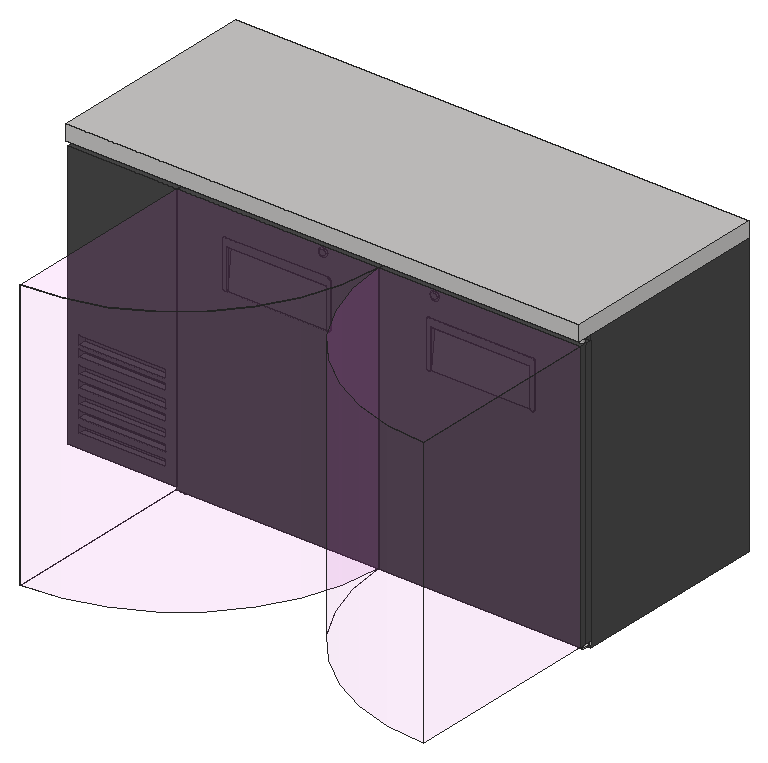
Revit family "QF_True_TBB24-60-2S-Z1-SFT-B-1_Solid_Swing_Door_Back_Bar", category Specialty Equipment, Revit 2021 (continued)
Definition of nested family "Family3"
  Definition of nested family "5 INCHES 01_CASTER 2"
    Forms (in)
      Extrusion 6, solid, visible <- "Key Locks"
        sketch origin (-0.96875, 2.04726, -0.57589) x (0, 1, 0) y (0, 0, -1)
          loop
            arc (-0.79652, -3.20306) -> (-0.67098, -3.20163) -> (-0.54633, -3.21661) r 0.9589
            line (-0.54633, -3.21661) -> (0.23309, -3.66661) -> (0.42979, -3.32592)
            arc (0.42979, -3.32592) -> (0.46473, -3.10362) -> (0.3415, -2.91533) r 0.313
            line (0.3415, -2.91533) -> (0.21087, -3.04595)
            arc (0.21087, -3.04595) -> (0.24081, -3.14321) -> (0.14284, -3.17074) r 0.07109
            line (0.14284, -3.17074) -> (-0.52795, -2.78336)
            arc (-0.52795, -2.78336) -> (-0.62217, -2.51108) -> (-0.36609, -2.37904) r 0.22
            arc (-0.36609, -2.37904) -> (-0.3435, -2.357) -> (-0.33862, -2.32583) r 0.05
            arc (-0.33862, -2.32583) -> (-0.50047, -2.10967) -> (-0.75504, -2.01961) r 0.46592
            line (-0.75504, -2.01961) -> (-1.49574, -2.01961)
            arc (-1.49574, -2.01961) -> (-1.57675, -2.00894) -> (-1.65224, -1.97767) r 0.313
            line (-1.65224, -1.97767) -> (-2.05389, -1.74578)
            arc (-2.05389, -1.74578) -> (-2.2914, -1.71451) -> (-2.48146, -1.86034) r 0.313
            line (-2.48146, -1.86034) -> (-2.58496, -2.03961)
        from 0 to 0.0625
      Extrusion 7, solid, visible <- "Key Locks"
        sketch origin (-0.96875, 2.04726, -0.57589) x (0, 1, 0) y (0, 0, -1)
          loop
            line (-0.45692, -2.6604) -> (0.47061, -3.19578)
            arc (0.47061, -3.19578) -> (0.44304, -3.03852) -> (0.3415, -2.91533) r 0.313
            line (0.3415, -2.91533) -> (-0.36656, -2.53415)
            arc (-0.36656, -2.53415) -> (-0.48136, -2.54745) -> (-0.45692, -2.6604) r 0.078
        from 0 to 0.5
      Extrusion 8, solid, visible <- "Key Locks"
        sketch origin (0.96875, 2.04726, -0.57589) x (0, 1, 0) y (0, 0, 1)
          loop
            line (-2.58496, 2.03961) -> (-2.48146, 1.86034)
            arc (-2.48146, 1.86034) -> (-2.2914, 1.71451) -> (-2.05389, 1.74578) r 0.313
            line (-2.05389, 1.74578) -> (-1.65224, 1.97767)
            arc (-1.65224, 1.97767) -> (-1.57675, 2.00894) -> (-1.49574, 2.01961) r 0.313
            line (-1.49574, 2.01961) -> (-0.75504, 2.01961)
            arc (-0.75504, 2.01961) -> (-0.50047, 2.10967) -> (-0.33862, 2.32583) r 0.46592
            arc (-0.33862, 2.32583) -> (-0.3435, 2.357) -> (-0.36609, 2.37904) r 0.05
            arc (-0.36609, 2.37904) -> (-0.62217, 2.51108) -> (-0.52795, 2.78336) r 0.22
            line (-0.52795, 2.78336) -> (0.14284, 3.17074)
            arc (0.14284, 3.17074) -> (0.24081, 3.14321) -> (0.21087, 3.04595) r 0.07109
            line (0.21087, 3.04595) -> (0.3415, 2.91533)
            arc (0.3415, 2.91533) -> (0.46473, 3.10362) -> (0.42979, 3.32592) r 0.313
            line (0.42979, 3.32592) -> (0.23309, 3.66661) -> (-0.54633, 3.21661)
            arc (-0.54633, 3.21661) -> (-0.67098, 3.20163) -> (-0.79652, 3.20306) r 0.9589
            arc (-0.79652, 3.20306) -> (-1.13602, 3.13035) -> (-1.38688, 2.89031) r 0.63657
            arc (-1.38688, 2.89031) -> (-1.45411, 2.76529) -> (-1.53273, 2.64711) r 1.51617
            line (-1.53273, 2.64711) -> (-1.89213, 2.43961) -> (-2.58496, 2.03961)
        from 0 to 0.0625
      Extrusion 9, solid, visible <- "Key Locks"
        sketch origin (0.96875, 2.04726, -0.57589) x (0, 1, 0) y (0, 0, 1)
          loop
            arc (-0.45692, 2.6604) -> (-0.48136, 2.54745) -> (-0.36656, 2.53415) r 0.078
            line (-0.36656, 2.53415) -> (0.3415, 2.91533)
            arc (0.3415, 2.91533) -> (0.44304, 3.03852) -> (0.47061, 3.19578) r 0.313
            line (0.47061, 3.19578) -> (-0.45692, 2.6604)
        from 0 to 0.5
    Cuts and joins
      joined: Extrusion 2, Extrusion 4, Extrusion 5
    Lines and regions (in)
      symbolic lines, visible <- "Show 5" Casters"
        curve 1: line (0.54262, 2.21348, 0) -> (1.50337, 1.65879, 0)
        curve 2: line (-1.45738, -1.25062, 0) -> (-0.70738, 0.04842, 0)
        curve 3: line (-0.49663, -1.80531, 0) -> (-1.45738, -1.25062, 0)
        curve 4: line (1.50337, 1.65879, 0) -> (0.75337, 0.35975, 0)
        curve 5: line (-0.20738, 0.91444, 0) -> (0.54262, 2.21348, 0)
        curve 6: line (0.25337, -0.50627, 0) -> (-0.49663, -1.80531, 0)
    Dimensions and locks (in)
      plane 4 "TOP" to level = 5"  (x2)
      aligned and locked: level to plane 1
  Definition of nested family "6 INCHES LEGS"
    Parameters (values of type "6 INCHES LEGS")
      Weight = ""
      URL Manufacturer = ""
      URL Cutsheet = ""
      URL = ""
      Type Mark [instance] = ""
      Status [instance] = ""
      Specification by User [instance] = ""
      Specification by Manufacturer = ""
      Show 6" Legs [instance] = yes
      Show Seismic Flanged [instance] = yes
      Serial Number = ""
      Seismic Rating = ""
      SMACNA No = ""
      Revision Code [instance] = ""
      Omniclass Number and Title = ""
      NAFEM Spec ID Number = ""
      Model = ""
      MasterSpec. = ""
      Manufacturer = ""
      Item Number [instance] = ""
      Installed By [instance] = ""
      Identify Quantity as Lot [instance] = yes
      Furnished By [instance] = ""
      Foodservice Equipment Identifier [instance] = yes
      Description = ""
      Default Elevation = 0"
      CSI MasterFormat = ""
      CSI Master Format = ""
      Assembly Code = ""
    Reference planes (in)
      plane 1: z = 0
      plane 2 "RIGHT": x = 0
      plane 3 "FRONT": y = 0
      plane 4 "TOP": z = 6
    Forms (in)
      Revolve 1, solid, visible <- "Show 6" Legs"
        sketch origin (11.12172, 0, 0) x (-1, 0, 0) y (0, 0, -1)
          loop
            line (11.12172, -6) -> (11.12172, 0) -> (10.62172, 0) -> (10.62172, -1.30261) -> (10.37172, -1.30261) -> (10.37172, -6) -> (11.12172, -6)
          axis (11.12172, 0) -> (11.12172, -6)
        angle from 0 to 360
      Extrusion 2, solid, visible <- "Show Seismic Flanged"
        sketch origin (0, 0, 0) x (1, 0, 0) y (0, 1, 0)
          loop
            circle (0, 0) r 1
        from 0 to 0.03125
    Dimensions and locks (in)
      plane 4 "TOP" to level = 6"  (x2)
      locked: Revolve 1 sketch curve to Revolve 1 sketch curve at 1.30261
      locked: Revolve 1 sketch curve to Revolve 1 sketch curve at 0.75
      aligned and locked: level to plane 1
  Definition of nested family "6 INCHES LEGS WITH FLANGED"
    Parameters (values of type "6 INCHES LEGS WITH FLANGED")
      Weight = ""
      URL Manufacturer = ""
      URL Cutsheet = ""
      URL = ""
      Type Mark [instance] = ""
      Status [instance] = ""
      Specification by User [instance] = ""
      Specification by Manufacturer = ""
      Show 6" Seismic Flanged [instance] = yes
      Serial Number = ""
      Seismic Rating = ""
      SMACNA No = ""
      Revision Code [instance] = ""
      Omniclass Number and Title = ""
      NAFEM Spec ID Number = ""
      Model = ""
      MasterSpec. = ""
      Manufacturer = ""
      Item Number [instance] = ""
      Installed By [instance] = ""
      Identify Quantity as Lot [instance] = yes
      Furnished By [instance] = ""
      Foodservice Equipment Identifier [instance] = yes
      Description = ""
      Default Elevation = 0"
      CSI MasterFormat = ""
      CSI Master Format = ""
      Assembly Code = ""
    Reference planes (in)
      plane 1: z = 0
      plane 2 "RIGHT": x = 0
      plane 3 "FRONT": y = 0
      plane 4 "TOP": z = 6
    Forms (in)
      Revolve 1, solid, visible <- "Show 6" Seismic Flanged"
        sketch origin (11.12172, 0, 0) x (-1, 0, 0) y (0, 0, -1)
          loop
            line (11.12172, -6) -> (11.12172, 0) -> (10.62172, 0) -> (10.62172, -1.30261) -> (10.37172, -1.30261) -> (10.37172, -6) -> (11.12172, -6)
          axis (11.12172, 0) -> (11.12172, -6)
        angle from 0 to 360
      Extrusion 2, solid, visible <- "Show 6" Seismic Flanged"
        sketch origin (0, 0, 0) x (1, 0, 0) y (0, 1, 0)
          loop
            circle (0, 0) r 1
        from 0 to 0.03125
    Dimensions and locks (in)
      plane 4 "TOP" to level = 6"  (x2)
      locked: Revolve 1 sketch curve to Revolve 1 sketch curve at 1.30261
      locked: Revolve 1 sketch curve to Revolve 1 sketch curve at 0.75
      aligned and locked: level to plane 1
